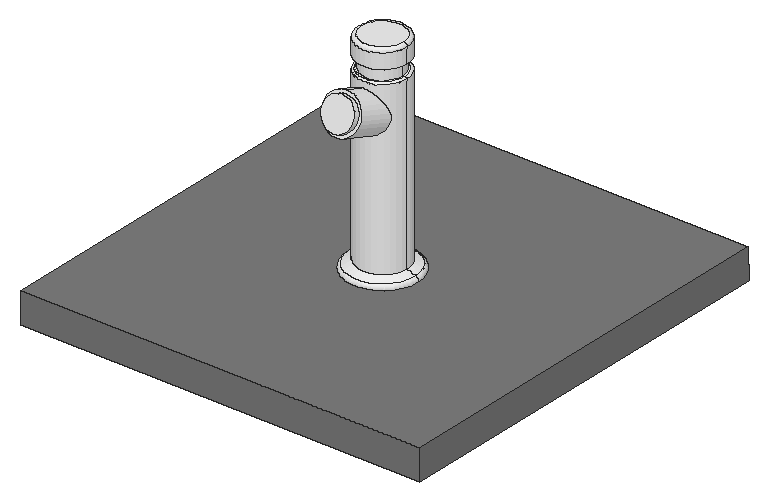
Revit family "2Torneira de parede para lavatorio LEED - Pressmatic 120 - DocolMatic", category Conexões hidráulicas, Revit 2014
Parameters (values of type "1/2" e 3/4"")
  Vazão de projeto L/s [instance] = 0.25
  Trecho [instance] = 0
  Saida X = 36.000 mm
  Docol: Temperatura Máxima = 40 °C
  Docol: Bitola = "1/2\" e 3/4\""
  Docol: Ambiente = "Banheiro"
  Conexão de resíduos = yes
  Conexão de ventilação = yes
  URL = "www.docol.com.br"
  Tampa = 135.357 mm
  Raio Torneira = 17.250 mm
  Raio Saida = 14.000 mm
  Raio Nominal = 10 mm
  Raio Canopla = 5.990 mm
  Pressão mínima kPa [instance] = 20
  Pressão máxima kPa [instance] = 392
  Peso Relativo [instance] = 0.7
  Docol: Marcador [instance] = "00"
  Acessório = yes
  Pressão de Fluxo [instance] = 0.00 kPa
  Modelo = Docol: Código  # "00595806"
  Fabricante = Docol: Fabricante  # "Docol"
  H = 148.158 mm
  Saida Y = 113.500 mm
  Saida Comprimento = 28.000 mm
  Conexão HW = yes
  Fluxo [instance] = 0 L/s
  Docol: Link do Produto = "https://www.docol.com.br/pt/produto/torneira-para-lavatorio-de-parede-pressmatic-120-leed"
  Docol: Linha = "Produtos sugeridos para LEED"
  Docol: Fabricante = "Docol"
  Docol: Descrição = "Torneira de parede 1/2\" e 3/4\" para lavatório LEED, Pressmatic 120 - DocolMatic"
  Docol: Código = "00595806"
  Docol: Categoria = "Torneiras"
  Docol: Acabamento = "Cromado"
  Diâmetro Nominal = Raio Nominal * 2  # 20 mm
  Descrição = Docol: Descrição  # "Torneira de parede 1/2\" e 3/4\" para lavatório LEED, Pressmatic 120 - DocolMatic"
  Elevação-padrão = 500.000 mm
  Acabamento [instance] = Cromado - Docol
  Conexão CW = yes
  Saida Angulo = 20.00°
Reference planes
  plane 1 "Center (Front/Back)": y = -500
  plane 2: z = 0
  plane 3 "Center (Left/Right)": x = 0
Forms (mm)
  Extrusion 1, solid
    sketch origin (0, 0, 0) x (1, 0, 0) y (0, 1, 0)
      loop
        line (-140, -355) -> (-140, -644.394) -> (141.958, -644.394) -> (141.958, -355) -> (-140, -355)
    from 0 to -21.472
  Sweep 2, solid, material "Cromado - Docol" <- "Acabamento"
    path origin (0, -500, 0) x (1, 0, 0) y (0, 0, 1)
      loop
        line (0, 0) -> (0, 148.158)
    profile origin (0, -500, 74.079) x (-1, 0, 0) y (0, -1, 0)
      loop
        circle (0, 0) r 17.25
  Sweep 3, solid, material "Cromado - Docol" <- "Acabamento"
    path origin (0, -500, 0) x (0, -1, 0) y (1, 0, 0)
      loop
        circle (0, 0) r 17.25
    profile origin (0, -482.75, 0) x (0, -1, 0) y (0, 0, 1)
      loop
        line (0, 0) -> (0, 6) -> (-5.99, 3.222)
        arc (-5.99, 3.222) -> (-7.391, 1.899) -> (-7.718, 0) r 3.045
        line (-7.718, 0) -> (0, 0)
  Sweep 4, void
    path origin (0, -500, 148.158) x (0, -1, 0) y (1, 0, 0)
      loop
        circle (0, 0) r 17.25
    profile origin (0, -482.75, 148.158) x (0, -1, 0) y (0, 0, 1)
      loop
        line (0, 0) -> (0, -2.363)
        arc (0, -2.363) -> (0.692, -0.692) -> (2.363, 0) r 2.363
        line (2.363, 0) -> (0, 0)
  Sweep 5, void
    path origin (0, 0, 0) x (1, 0, 0) y (0, 1, 0)
      loop
        circle (0, -500) r 17.25
    profile origin (0, -482.75, 0) x (0, 1, 0) y (0, 0, 1)
      loop
        line (-3.248, 135.357) -> (-3.248, 126.5) -> (-1.628, 126.5)
        arc (-1.628, 126.5) -> (-0.25, 126.007) -> (0.502, 124.751) r 2.171
        line (0.502, 124.751) -> (0.502, 123.825) -> (1.752, 123.825) -> (1.752, 135.357) -> (-3.248, 135.357)
  Sweep 6, solid, material "Cromado - Docol" <- "Acabamento"
    path origin (0, 0, 0) x (0, 1, 0) y (0, 0, 1)
      loop
        line (-509.689, 103.923) -> (-536, 113.5)
    profile origin (0, -522.844, 108.712) x (0, -0.34202, -0.939693) y (1, 0, 0)
      loop
        circle (0, 0) r 14
  Sweep 7, solid, material "Cromado - Docol" <- "Acabamento", visible <- "Acessório"
    path origin (0, 0, 0) x (0, 1, 0) y (0, 0, 1)
      loop
        line (-536, 113.5) -> (-539.533, 114.786)
    profile origin (0, -537.767, 114.143) x (0, -0.34202, -0.939693) y (1, 0, 0)
      loop
        circle (0, 0) r 11.5
  Sweep 8, void
    path origin (0, 0, 0) x (0, 1, 0) y (0, 0, 1)
      loop
        line (-500, 0) -> (-500, 16.345)
    profile origin (0, -500, 8.172) x (0, -1, 0) y (1, 0, 0)
      loop
        circle (0, 0) r 15
Cuts and joins
  Sweep 4, Sweep 5, Sweep 8 cuts Sweep 2
  Sweep 8 cuts Sweep 6
  joined: Sweep 2, Sweep 6
  Sweep 8 cuts Sweep 3
Dimensions and locks
  "H": Sweep 2 sketch curve to plane 2
  Sweep 5 sketch curve to Sweep 5 sketch curve to Sweep 5 sketch curve to Sweep 5 sketch curve = 0.926 mm locked, 1.749 mm locked, 8.857 mm locked
  Sweep 5 sketch curve to Sweep 5 sketch curve to Sweep 5 sketch curve to Sweep 5 sketch curve = 1.250 mm locked, 2.130 mm locked, 1.621 mm locked
  "Tampa": Sweep 5 sketch curve to Sweep 3
  "Raio Canopla": Sweep 3 sketch curve to Sweep 3 sketch curve
  locked: Sweep 3 sketch curve to Sweep 3 sketch curve at 3.656
  locked: Sweep 3 sketch curve to Sweep 3 sketch curve at 3.222
  "Saida Comprimento": Sweep 6 sketch curve to Sweep 6 sketch curve
  "Saida Y": Sweep 6 sketch curve to plane 2
  "Saida X": plane 1 "Center (Front/Back)" to Sweep 6 sketch curve
  locked: Sweep 7 sketch curve to Sweep 7 sketch curve at 3.76
  "Raio Saida": Sweep 6 to Sweep 7 sketch curve
  "Raio Torneira": radius of Sweep 2 sketch curve
  "Raio Saida": radius of Sweep 6 sketch curve
  "Saida Angulo": angle plane 2 to Sweep 6 sketch curve
  "Saida Angulo": angle plane 2 to Sweep 7 sketch curve
  aligned and locked: plane 2 to Extrusion 1
  aligned and locked: level to Extrusion 1
  aligned and locked: plane 2 to Sweep 2 sketch curve
  aligned and locked: Sweep 3 sketch curve to Sweep 2  (x2)
  aligned and locked: Sweep 4 sketch curve to Sweep 2  (x2)
  aligned and locked: profile plane to Sweep 4 sketch curve  (x3)
  aligned and locked: Sweep 5 sketch curve to Sweep 3  (x2)
  aligned and locked: Sweep 6 to Sweep 7 sketch curve
  aligned and locked: level to Sweep 8 sketch curve
Automatic sketch dimensions
  Extrusion 1 sketch curve to Extrusion 1 sketch curve = 281.958 mm
  Extrusion 1 sketch curve to Extrusion 1 sketch curve = 289.394 mm
  Sweep 4 sketch curve to Sweep 4 sketch curve = 2.363 mm
  Sweep 7 sketch curve to plane 3 "Center (Left/Right)" = 0.000 mm
  Sweep 7 sketch curve to profile plane = 0.000 mm
  Sweep 8 sketch curve to plane 1 "Center (Front/Back)" = 0.000 mm
  Sweep 8 sketch curve to Sweep 8 sketch curve = 16.345 mm
  Sweep 8 sketch curve to plane 3 "Center (Left/Right)" = 0.000 mm
  Sweep 8 sketch curve to profile plane = 0.000 mm
  Sweep 2 sketch curve to plane 3 "Center (Left/Right)" = 0.000 mm
  plane 1 "Center (Front/Back)" to Sweep 2 sketch curve = 0.000 mm
  Sweep 2 sketch curve to profile plane = 0.000 mm
  Sweep 3 sketch curve to profile plane = 0.000 mm  (x2)
  profile plane to Sweep 3 sketch curve = 0.460 mm
  profile plane to Sweep 3 sketch curve = 6.000 mm
  profile plane to Sweep 5 sketch curve = 3.248 mm
  Sweep 6 sketch curve to plane 3 "Center (Left/Right)" = 0.000 mm
  Sweep 6 sketch curve to profile plane = 0.000 mm
  radius of Sweep 7 sketch curve = 11.500 mm
  radius of Sweep 8 sketch curve = 15.000 mm
Connectors
  piping at (0, -500, 0), diameter 20, driven by "Raio Nominal", driven by "Fluxo"
    settings: on cut or joined group of Sweep 2, Sweep 4, Sweep 5, Sweep 6, Sweep 8, index 1, connector inside diameter 20 mm, connector length 0.000 mm, flow factor 0, pipe flow 0 L/s, pressure drop 0.00 kPa, fitting loss kfactor 0, connector angle 0.00°, fixture units 0, engagement length 0.000 mm, angle of deflection 0.00°, flow configuration 1, flow direction 1, fitting loss method 0, system type 20, joint type 0, gender type 0, connector reference index -1, connector utility 0, adjustable connector no, is connector primary yes, connector description ""
